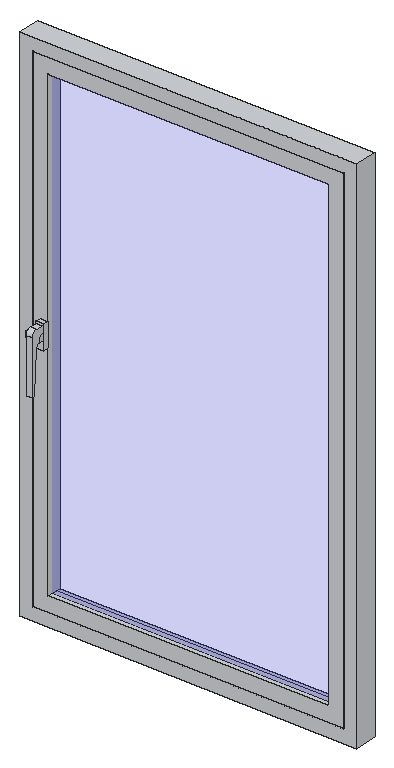
Revit family "Inclinar e virar janela - 1 Painel", category Janelas, Revit 2019
Family settings
  Hospedeiro = Parede
  Número OmniClass = 23.30.20.00
  Título OmniClass = Windows
  Sempre na vertical = Sim
  Corte com vazios quando carregada = Não
  Compartilhado = Não
  Ponto de cálculo do ambiente = Não
Parameters
  W1 = Width - 2 * Largura da estrutura  # 830 mm
  Visual Light Transmittance = 0.9
  Solar Heat Gain Coefficient = 0.86
  Rough Width = Width  # 900 mm
  Rough Height = Height  # 1400 mm
  Largura da moldura do painel = 40 mm
  Espessura da moldura do painel = 40 mm
  ID do tipo de construção = ""
  Height = 1400 mm
  Coeficiente de transferência de calor (U) = 5.5617 W/(m²·K)
  Material do puxador = none
  H1 = Height - 2 * Largura da estrutura  # 1330 mm
  Vidro = none
  Largura da estrutura = 35 mm
  Espessura da moldura = 60 mm
  Material da moldura = none
  Altura-padrão do peitoril = 650 mm
  Fechamento da parede = Por hospedeiro
  Width = 900 mm
  Construção analítica = Janelas grandes envidraçadas únicas
Reference planes
  plane 1 "Centro (Frente/Trás)": y = 0
  plane 2 "Centro (Esquerda/Direita)": x = 0
  plane 3 "Esquerda": x = -450
  plane 4 "Direita": x = 450
  plane 5 "Peitoril": z = 650
  plane 6 "Extremidade superior": z = 2050
  plane 7 "Exterior": y = 100
  plane 8 "Interior": y = -100
  plane 9: z = 0
  plane 10: x = -415
  plane 11: x = 415
  plane 12: x = -375
  plane 13: x = 375
  plane 14: y = -40
  plane 15: y = -60
  plane 16: y = -80
  plane 17: z = 2015
  plane 18: z = 685
  plane 19: z = 1975
  plane 20: z = 725
  plane 21: x = -410
  plane 22: x = 410
  plane 23: z = 2010
  plane 24: z = 690
  plane 25: y = -1000
  plane 26: y = -930
  plane 27: z = 1350
Forms (mm)
  Sweep 1, solid, material <- "Material da moldura", detail levels fine
    path origin (0, 100, 0) x (1, 0, 0) y (0, 0, 1)
      loop
        line (450, 2050) -> (-450, 2050) -> (-450, 650) -> (450, 650) -> (450, 2050)
    profile origin (-450, 100, 2050) x (0, -1, 0) y (1, 0, 0)
      loop
        line (140, 0) -> (200, 0) -> (200, 35) -> (140, 35) -> (140, 0)
  Sweep 2, solid, material <- "Material da moldura", detail levels fine
    path origin (0, 100, 0) x (1, 0, 0) y (0, 0, 1)
      loop
        line (415, 2015) -> (-415, 2015) -> (-415, 685) -> (415, 685) -> (415, 2015)
    profile origin (-415, 100, 2015) x (0, -1, 0) y (1, 0, 0)
      loop
        line (160, 0) -> (200, 0) -> (200, 40) -> (160, 40) -> (160, 0)
  Extrusion 3, solid, material <- "Vidro", detail levels fine
    sketch origin (0, 0, 0) x (1, 0, 0) y (0, 1, 0)
      loop
        line (-375, -73) -> (-375, -87) -> (375, -87) -> (375, -73) -> (-375, -73)
    from 725 to 1975
  Sweep 4, solid, material <- "Material da moldura", detail levels coarse+medium
    path origin (0, 100, 0) x (1, 0, 0) y (0, 0, 1)
      loop
        line (450, 2050) -> (-450, 2050) -> (-450, 650) -> (450, 650) -> (450, 2050)
    profile origin (-450, 100, 2050) x (0, -1, 0) y (1, 0, 0)
      loop
        line (160, 0) -> (200, 0) -> (200, 40) -> (160, 40) -> (160, 0)
  Extrusion 5, solid, material <- "Vidro", detail levels coarse+medium
    sketch origin (0, 0, 0) x (1, 0, 0) y (0, 1, 0)
      loop
        line (-410, -73) -> (-410, -87) -> (410, -87) -> (410, -73) -> (-410, -73)
    from 690 to 2010
Lines and regions (mm)
  Opening 1
    outline origin (3500, -100, 0) x (1, 0, 0) y (0, 0, 1)
      loop
        line (-3050, 650) -> (-3050, 2050) -> (-3950, 2050) -> (-3950, 650) -> (-3050, 650)
  symbolic lines, style "WindowsGlassProjection", detail levels coarse
    curve 1: line (-410, -80, 0) -> (410, -80, 0)
    curve 4: line (-450, -80, 2010) -> (-450, -80, 690)
  symbolic lines, style "WindowsGlassProjection", detail levels medium
    curve 2: line (-410, -73, 0) -> (410, -73, 0)
    curve 3: line (-410, -87, 0) -> (410, -87, 0)
    curve 5: line (-450, -73, 2010) -> (-450, -73, 690)
    curve 6: line (-450, -87, 690) -> (-450, -87, 2010)
  symbolic lines, style "Giro da elevação", detail levels coarse+medium
    curve 7: line (450, 100, 650) -> (0, 100, 2050)
    curve 8: line (0, 100, 2050) -> (-450, 100, 650)
    curve 19: line (450, 100, 2050) -> (-450, 100, 1350)
    curve 20: line (-450, 100, 1350) -> (450, 100, 650)
  symbolic lines, style "Giro da elevação", detail levels fine
    curve 9: line (415, 100, 685) -> (0, 100, 2015)
    curve 10: line (0, 100, 2015) -> (-415, 100, 685)
    curve 21: line (415, 100, 2015) -> (-415, 100, 1350)
    curve 22: line (-415, 100, 1350) -> (415, 100, 685)
  symbolic lines, style "Giro da planta", detail levels coarse+medium
    curve 11: line (450, -100, 650) -> (450, -222.018, 2044.673)
    curve 12: arc (450, -222.018, 2044.673) -> (450, -161.067, 2048.668) -> (450, -100, 2050) r 1400
    curve 15: line (450, -100, 0) -> (450, -1000, 0)
    curve 16: arc (450, -1000, 0) -> (-186.396, -736.396, 0) -> (-450, -100, 0) r 900
  symbolic lines, style "Giro da planta", detail levels fine
    curve 13: line (450, -100, 685) -> (450, -215.917, 2009.939)
    curve 14: arc (450, -215.917, 2009.939) -> (450, -158.014, 2013.734) -> (450, -100, 2015) r 1330
    curve 17: line (415, -100, 0) -> (415, -930, 0)
    curve 18: arc (415, -930, 0) -> (-171.899, -686.899, 0) -> (-415, -100, 0) r 830
Text (mm)
  text "EXTERIOR" at (-1963.203, 1332.353, 0), in view "Nível de referência"
  text "INTERIOR" at (-1981.466, -818.386, 0), in view "Nível de referência"
  text "Externo" at (0, 923.751, 2943.296), in view "Direita"
  text "Externo" at (0, 1040.484, 2685.409), in view "Esquerda"
Dimensions and locks
  equal spacing: plane 3 "Esquerda", plane 2 "Centro (Esquerda/Direita)", plane 4 "Direita"
  "Width": plane 3 "Esquerda" to plane 4 "Direita"
  "Height": plane 5 "Peitoril" to plane 6 "Extremidade superior"
  "Altura-padrão do peitoril": plane 5 "Peitoril" to level
  locked: plane 7 "Exterior" to host wall at 0
  locked: plane 8 "Interior" to host wall
  "Largura da estrutura": plane 3 "Esquerda" to plane 10
  "Largura da estrutura": plane 11 to plane 4 "Direita"
  "Largura da moldura do painel": plane 10 to plane 12
  "Largura da moldura do painel": plane 13 to plane 11
  "Espessura da moldura": plane 14 to plane 8 "Interior"
  "Espessura da moldura do painel": plane 15 to plane 8 "Interior"
  equal spacing: plane 15, plane 16, plane 8 "Interior"
  "Largura da estrutura": plane 17 to plane 6 "Extremidade superior"
  "Largura da estrutura": plane 5 "Peitoril" to plane 18
  Extrusion 3 sketch curve to plane 16 to Extrusion 3 sketch curve = 7 mm locked, 7 mm locked
  "Largura da moldura do painel": plane 19 to plane 17
  "Largura da moldura do painel": plane 18 to plane 20
  "Largura da moldura do painel": plane 3 "Esquerda" to plane 21
  "Largura da moldura do painel": plane 22 to plane 4 "Direita"
  Extrusion 5 sketch curve to plane 16 to Extrusion 5 sketch curve = 7 mm locked, 7 mm locked
  curve 3 to plane 16 to curve 2 = 7 mm locked, 7 mm locked
  "Largura da moldura do painel": plane 23 to plane 6 "Extremidade superior"
  "Largura da moldura do painel": plane 5 "Peitoril" to plane 24
  curve 5 to plane 16 to curve 6 = 7 mm locked, 7 mm locked
  plane 24 to plane 20 = 35 mm
  "Height": curve 11 to curve 11
  "H1": curve 13 to curve 13
  "Width": plane 25 to plane 8 "Interior"
  "W1": plane 26 to plane 8 "Interior"
  equal spacing: plane 5 "Peitoril", plane 27, plane 6 "Extremidade superior"
  "Height": radius of curve 12
  "H1": radius of curve 14
  "Width": radius of curve 16
  "W1": radius of curve 18
  locked: curve 14 to curve 14 (angle 5.00°)
  locked: curve 12 to curve 12 (angle 5.00°)
  locked: plane 8 "Interior" to curve 13 (angle 5.00°)
  locked: plane 8 "Interior" to curve 11 (angle 5.00°)
  aligned and locked: level to plane 9
  aligned and locked: plane 4 "Direita" to Sweep 1 sketch curve
  aligned and locked: Sweep 1 sketch curve to plane 3 "Esquerda"  (x2)
  aligned and locked: plane 6 "Extremidade superior" to Sweep 1 sketch curve
  aligned and locked: Sweep 1 sketch curve to plane 5 "Peitoril"
  aligned and locked: Sweep 1 sketch curve to plane 14
  aligned and locked: Sweep 1 sketch curve to plane 8 "Interior"
  aligned and locked: Sweep 1 sketch curve to plane 10
  aligned and locked: Sweep 2 sketch curve to plane 17
  aligned and locked: plane 18 to Sweep 2 sketch curve
  aligned and locked: Sweep 2 sketch curve to plane 11
  aligned and locked: plane 10 to Sweep 2 sketch curve  (x2)
  aligned and locked: Sweep 2 sketch curve to plane 15
  aligned and locked: Sweep 2 sketch curve to plane 8 "Interior"
  aligned and locked: Sweep 2 sketch curve to plane 12
  aligned and locked: plane 12 to Extrusion 3 sketch curve
  aligned and locked: Extrusion 3 sketch curve to plane 13
  aligned and locked: plane 19 to Extrusion 3
  aligned and locked: Extrusion 3 to plane 20
  aligned and locked: plane 6 "Extremidade superior" to Sweep 4 sketch curve
  aligned and locked: Sweep 4 sketch curve to plane 5 "Peitoril"
  aligned and locked: Sweep 4 sketch curve to plane 3 "Esquerda"  (x2)
  aligned and locked: plane 4 "Direita" to Sweep 4 sketch curve
  aligned and locked: Sweep 4 sketch curve to plane 15
  aligned and locked: Sweep 4 sketch curve to plane 8 "Interior"
  aligned and locked: Sweep 4 sketch curve to plane 21
  aligned and locked: plane 21 to Extrusion 5 sketch curve
  aligned and locked: Extrusion 5 sketch curve to plane 22
  aligned and locked: curve 1 to plane 16
  aligned and locked: plane 21 to curve 1
  aligned and locked: plane 22 to curve 1
  aligned and locked: plane 22 to curve 2
  aligned and locked: plane 22 to curve 3
  aligned and locked: plane 21 to curve 2
  aligned and locked: plane 21 to curve 3
  aligned and locked: plane 23 to Extrusion 5  (x2)
  aligned and locked: Extrusion 5 to plane 24
  aligned and locked: plane 16 to curve 4
  aligned and locked: plane 24 to curve 4
  aligned and locked: plane 23 to curve 4
  aligned and locked: plane 23 to curve 6
  aligned and locked: plane 24 to curve 5
  aligned and locked: plane 24 to curve 6
  aligned and locked: plane 18 to curve 9
  aligned and locked: plane 11 to curve 9
  aligned and locked: plane 18 to curve 10
  aligned and locked: plane 6 "Extremidade superior" to curve 8
  aligned and locked: plane 2 "Centro (Esquerda/Direita)" to curve 7
  aligned and locked: plane 17 to curve 10
  aligned and locked: plane 2 "Centro (Esquerda/Direita)" to curve 9
  aligned and locked: plane 5 "Peitoril" to curve 11
  aligned and locked: plane 8 "Interior" to curve 12
  aligned and locked: plane 5 "Peitoril" to curve 12
  aligned and locked: plane 18 to curve 13
  aligned and locked: plane 8 "Interior" to curve 13
  aligned and locked: plane 18 to curve 14
  aligned and locked: plane 8 "Interior" to curve 15
  aligned and locked: plane 4 "Direita" to curve 15
  aligned and locked: plane 8 "Interior" to curve 16  (x2)
  aligned and locked: plane 4 "Direita" to curve 16  (x2)
  aligned and locked: plane 8 "Interior" to curve 17
  aligned and locked: curve 17 to plane 11
  aligned and locked: plane 26 to curve 17
  aligned and locked: plane 8 "Interior" to curve 18
  aligned and locked: plane 11 to curve 18  (x2)
  aligned and locked: nested 1 to plane 27
  aligned and locked: nested 1 to plane 12
  aligned and locked: plane 6 "Extremidade superior" to curve 19
  aligned and locked: plane 4 "Direita" to curve 19
  aligned and locked: plane 27 to curve 19
  aligned and locked: plane 3 "Esquerda" to curve 20
  aligned and locked: plane 5 "Peitoril" to curve 20
  aligned and locked: plane 4 "Direita" to curve 20
  aligned and locked: plane 27 to curve 22
  aligned and locked: plane 10 to curve 21
  aligned and locked: plane 17 to curve 21
  aligned and locked: plane 11 to curve 21
Automatic sketch dimensions
  Opening 1 sketch curve to plane 3 "Esquerda" = 0 mm
  Opening 1 sketch curve to plane 4 "Direita" = 0 mm
  Opening 1 sketch curve to plane 5 "Peitoril" = 0 mm
  Opening 1 sketch curve to plane 6 "Extremidade superior" = 0 mm
  curve 5 to plane 23 = 0 mm
  plane 3 "Esquerda" to curve 8 = 0 mm
  curve 8 to plane 5 "Peitoril" = 0 mm
  curve 10 to plane 10 = 0 mm
Nested families
  nested 1: "Puxador da janela 1" at (-385, -100, 1350) x (0, 0, 1) z (0, -1, 0), type "Puxador da janela 1", detail levels fine
Definition of nested family "Puxador da janela 1"
  Parameters
    Material do puxador = none
    Default Elevation = 1219.2 mm
  Reference planes
    plane 1 "Centro (Frente/Trás)": y = 0
    plane 2: z = 0
    plane 3 "Centro (Esquerda/Direita)": x = 0
    plane 4: y = 10
    plane 5: y = -10
    plane 6: x = -32
    plane 7: x = 32
    plane 8: y = -30
    plane 9: x = -9
    plane 10: x = 9
    plane 11: z = 15
    plane 12: z = 25
    plane 13: z = 49
    plane 14: x = 27
    plane 15: x = -130
    plane 16: z = 37
    plane 17: y = 8
  Forms (mm)
    Extrusion 1, solid
      sketch origin (0, 0, 0) x (1, 0, 0) y (0, 1, 0)
        loop
          line (-1219.2, 1219.2) -> (-1219.2, -1219.2) -> (1219.2, -1219.2) -> (1219.2, 1219.2) -> (-1219.2, 1219.2)
      from 0 to -304.8
    Extrusion 2, solid, material <- "Material do puxador"
      sketch origin (0, 0, 0) x (1, 0, 0) y (0, 1, 0)
        loop
          line (-32, 10) -> (-32, -10) -> (32, -10) -> (32, 10) -> (-32, 10)
      from 0 to 15
    Extrusion 3, solid, material <- "Material do puxador"
      sketch origin (0, 0, 0) x (1, 0, 0) y (0, 1, 0)
        loop
          line (-9, 8) -> (-9, -11.986) -> (-6.984, -30) -> (7.035, -30) -> (9, -11.986) -> (9, 8) -> (-9, 8)
      from 15 to 25
    Extrusion 4, solid, material <- "Material do puxador"
      sketch origin (0, 0, 0) x (1, 0, 0) y (0, 0, 1)
        loop
          line (9, 15) -> (27, 15) -> (27, 35)
          arc (27, 35) -> (22.899, 44.899) -> (13, 49) r 14
          line (13, 49) -> (-130, 49) -> (-130, 44) -> (-14.671, 36.989)
          arc (-14.671, 36.989) -> (-10.641, 35.1) -> (-9, 30.963) r 6.037
          line (-9, 30.963) -> (-9, 25) -> (9, 25) -> (9, 15)
      from -8 to 8
  Dimensions and locks
    plane 6 to plane 3 "Centro (Esquerda/Direita)" to plane 7 = 32 mm locked, 32 mm locked
    locked: plane 8 to plane 5 at 20
    plane 4 to plane 1 "Centro (Frente/Trás)" to plane 5 = 10 mm locked, 10 mm locked
    locked: plane 9 to Extrusion 3 sketch curve at 2.016
    locked: Extrusion 3 sketch curve to plane 10 at 1.965
    locked: Extrusion 3 sketch curve to plane 5 at 1.986  (x2)
    locked: plane 11 to plane 2 at 15
    locked: plane 12 to plane 11 at 10
    locked: plane 13 to plane 12 at 24
    locked: plane 14 to plane 10 at 18
    locked: plane 3 "Centro (Esquerda/Direita)" to plane 15 at 130
    locked: plane 4 to plane 17 at 2
    locked: Extrusion 4 to plane 1 "Centro (Frente/Trás)" at 8
    locked: Extrusion 4 sketch curve to plane 12 at 5.963
    locked: plane 13 to plane 16 at 12
    radius of Extrusion 4 sketch curve = 14 mm
    radius of Extrusion 4 sketch curve = 6.037 mm
    aligned and locked: plane 2 to Extrusion 1
    aligned and locked: level to Extrusion 1
    aligned and locked: Extrusion 2 sketch curve to plane 4
    aligned and locked: plane 6 to Extrusion 2 sketch curve
    aligned and locked: Extrusion 2 sketch curve to plane 5
    aligned and locked: Extrusion 2 sketch curve to plane 7
    aligned and locked: Extrusion 3 sketch curve to plane 9
    aligned and locked: Extrusion 3 sketch curve to plane 10
    aligned and locked: plane 8 to Extrusion 3 sketch curve
    aligned and locked: Extrusion 3 to plane 11
    aligned and locked: plane 12 to Extrusion 3
    aligned and locked: plane 11 to Extrusion 4 sketch curve  (x2)
    aligned and locked: plane 14 to Extrusion 4 sketch curve
    aligned and locked: plane 10 to Extrusion 4 sketch curve
    aligned and locked: plane 13 to Extrusion 4 sketch curve
    aligned and locked: Extrusion 4 sketch curve to plane 11
    aligned and locked: plane 12 to Extrusion 4 sketch curve
    aligned and locked: plane 9 to Extrusion 4 sketch curve
    aligned and locked: Extrusion 4 sketch curve to plane 15
    aligned and locked: Extrusion 3 sketch curve to plane 17
    aligned and locked: plane 17 to Extrusion 4
